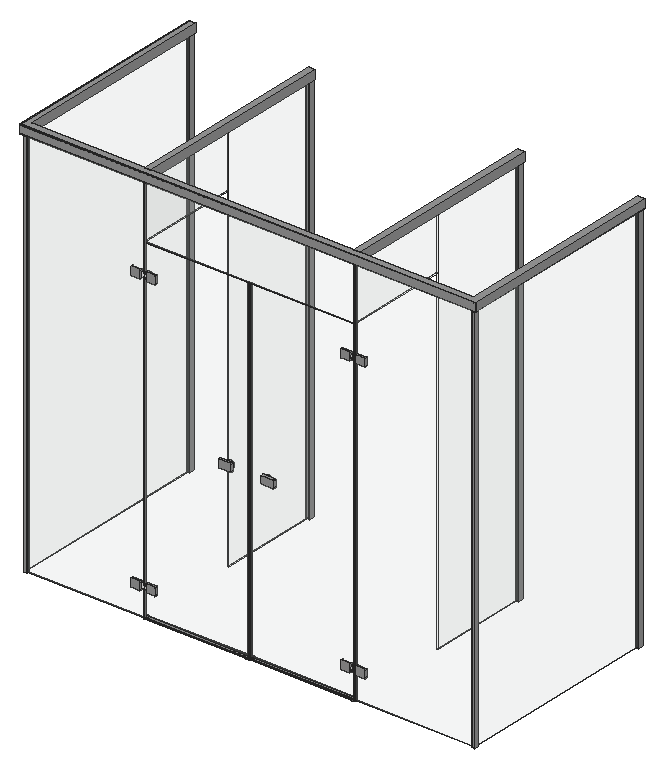
Revit family "Sanitary_Bath-screens_Modular system_Duscholux_SYSTEM210_S21-A", category Aparatos sanitarios, Revit 2019
Family settings
  Cota de conector redondo = Diámetro de uso
  Tipo de pieza = Normal
  Número OmniClass = 23.45.00.00
  Título OmniClass = Sanitary, Laundry, and Cleaning Equipment
  Se basa en plano de trabajo = No
  Siempre vertical = Sí
  Corte con vacíos al cargar = No
  Compartido = No
  Punto de cálculo de habitación = No
Parameters (values of type "Black Aluminium Finish")
  Uper profile guide = Anodized Aluminium_Duscholux Material-Black Finish
  Superior Glass Height = if(Max Doors Height < 2100 mm, 1 mm, (Max Height - 2134 mm))  # 366 mm
  Min Max Length fixed segment 2 = if(Length fixed segment 2 < 180 mm, 180 mm, if(Length fixed segment 2 > 1400 mm, 1400 mm, Length fixed segment 2))  # 750 mm
  Min Max Length fixed segment = if(Length fixed segment 1 < 180 mm, 180 mm, if(Length fixed segment 1 > 1400 mm, 1400 mm, Length fixed segment 1))  # 750 mm
  Min Max Doors aperture = if(Doors aperture < 400 mm, 400 mm, if(Doors aperture > 1000 mm, 1000 mm, Doors aperture))  # 650 mm
  Min Max Length Central fixed segments = if(Length Central fixed segments < 180 mm, 180 mm, if(Length Central fixed segments > 1400 mm, 1400 mm, Length Central fixed segments))  # 650 mm
  Max Doors Height = if(Max Height > 2154 mm, 2100 mm, (Max Height - 34 mm))  # 2100 mm
  Length fixed segment 2 = 750 mm
  Length fixed segment 1 = 750 mm
  Lenght = (Min Max Doors aperture * 2) + (Min Max Length fixed segment + Min Max Length fixed segment 2)  # 2800 mm
  Uniclass 2015 Description = "Shower Enclosures"
  Uniclass 2015 Code = "PR-40-20-06-79"
  URL = "http://www.duscholux.es/"
  UNSPSC Code = "30181507"
  Thickness Glass = 6 mm  # constant formula
  Thickness Fixed Segment = 8 mm  # constant formula
  Technical Inspection Certificate (Applus) = "http://www.duscholux.es/resources/custom/var/APPLUS_en.pdf"
  Series = "SYSTEM 210"
  Ref. = "S21_A"
  Products = "http://www.duscholux.es/mamparas_filtro.aspx?es"
  Openning right angle = 0.00°
  Openning left angle = 0.00°
  Opening System Image = "https://duscholux.es/resources/custom/img/System21/S21_A.jpg"
  Opening System = "Pivot Door"
  NBS Reference Description = "Shower Enclosures"
  NBS Reference Code = "45-35-70"
  Model = ""
  Min Max Length = if(Lenght < 900 mm, 900 mm, if(Lenght > 2100 mm, 2100 mm, Lenght))  # 2100 mm
  Max Height = if(Height < 1900 mm, 1900 mm, if(Height > 2500 mm, 2500 mm, Height))  # 2500 mm
  Maintenance and Cleaning = "http://www.duscholux.es/mamparas_limpieza.aspx?en"
  Image = "https://duscholux.es/resources/custom/img/System21/System21%205%20NEGRO%20baja.jpg"
  IFC Classification = "Furnishing Element"
  Height = 2500 mm
  Handle Material = Anodized Aluminium_Duscholux Material-Black Finish
  Handle Height = Max Doors Height / 2  # 1050 mm
  Glass in Building UNE EN 12150 = "CE Conformity marking"
  Glass Material = Glass_Material-Duscholux
  Frame Material = Anodized Aluminium_Duscholux Material-Black Finish
  Length Central fixed segments = 650 mm
  Fact Sheet = "https://duscholux.es/mamparas_system210.aspx?es"
  Fabricante = "Duscholux Ibérica, S.A."
  Environmental Management ISO 14001 = "ECOEMBES Certificate"
  Doors aperture = 650 mm
  Descripción = "Modular system with fixed segments + pivot doors at 180º for different types of rooms"
  Código de montaje = "C1030200"
  Configuration enclosure = "http://configuratumampara.duscholux.es/eCatalogo.aspx"
  Components = "Eropean components"
  Type Comments = ""
  Combinations = "Customizable upper guide"
  Certified Quality UNE EN 14428 = "http://www.duscholux.es/duscholux_downloads.aspx?es"
  COBIe Type Category = ""
  Accesories Material = Anodized Aluminium_Duscholux Material-Black Finish
Reference planes
  plane 1 "Centro (Frontal/Posterior)": y = 0
  plane 2: z = 0
  plane 3 "Centro (Izquierda/Derecha)": x = 0
  plane 4 "Altura total": z = 2500
  plane 5 "Altura tiradores": z = 1050
  plane 6: x = 4
  plane 7: y = 0
  plane 8 "Espesor puertas": y = 6
  plane 9 "Longitud total": x = 2800
  plane 10: z = 1920
  plane 11 "Espesor fijos": y = 8
  plane 12: x = 750
  plane 13 "Inicio vidrio puertas": z = 8
  plane 14 "Altura bisagra inferior": z = 180
  plane 15: x = 2050
  plane 16 "Ancho total": y = 1300
  plane 17: x = 2796
  plane 18: x = 2804
  plane 19 "Inicio guía superior": z = 2446
  plane 20: z = 1920
  plane 21 "Altura vidrios": z = 2466
  plane 22 "Altura puertas": z = 2100
  plane 23 "Altura bisagra superior": z = 1920
  plane 24: y = 3
  plane 25 "Eje inicio puerta 1": x = 747
  plane 26 "Eje inicio puerta 2": x = 2053
  plane 27: y = 650
  plane 28: x = 8
  plane 29: y = 0
Forms (mm)
  Extrusion 1, solid, material "Glass_Material-Duscholux" <- "Glass Material"
    sketch origin (0, 0, 0) x (1, 0, 0) y (0, 1, 0)
      loop
        line (13.847, 8) -> (13.847, 0) -> (744, 0) -> (744, 8) -> (13.847, 8)
    from 0 to 2466
  Extrusion 2, solid, material "Glass_Material-Duscholux" <- "Glass Material"
    sketch origin (750, 0, 0) x (1, 0, 0) y (0, 1, 0)
      loop
        line (0, 6) -> (0, 0) -> (644.7, 0) -> (644.7, 6) -> (0, 6)
    from 8 to 2100
  Extrusion 3, solid, material "Plástico, transparente"
    sketch origin (-322.583, -171.096, 0) x (1, 0, 0) y (0, 1, 0)
      loop
        line (1066.583, 179.096) -> (1066.583, 171.096) -> (1061.583, 171.096) -> (1061.583, 170.096) -> (1066.583, 170.096) -> (1071.183, 170.096)
        arc (1071.183, 170.096) -> (1072.583, 175.096) -> (1071.183, 180.096) r 9.629
        line (1071.183, 180.096) -> (1066.583, 180.096) -> (1061.583, 180.096) -> (1061.583, 179.096) -> (1066.583, 179.096)
      loop
        line (1067.583, 170.596) -> (1070.927, 170.596)
        arc (1070.927, 170.596) -> (1072.083, 175.096) -> (1070.927, 179.596) r 9.338
        line (1070.927, 179.596) -> (1067.583, 179.596) -> (1067.583, 170.596)
    from 1937.5 to 2446
  Extrusion 4, solid, material "Plástico, transparente"
    sketch origin (-322.583, -171.096, 0) x (1, 0, 0) y (0, 1, 0)
      loop
        line (1066.583, 179.096) -> (1066.583, 171.096) -> (1061.583, 171.096) -> (1061.583, 170.096) -> (1066.583, 170.096) -> (1071.183, 170.096)
        arc (1071.183, 170.096) -> (1072.583, 175.096) -> (1071.183, 180.096) r 9.629
        line (1071.183, 180.096) -> (1066.583, 180.096) -> (1061.583, 180.096) -> (1061.583, 179.096) -> (1066.583, 179.096)
      loop
        line (1067.583, 170.596) -> (1070.927, 170.596)
        arc (1070.927, 170.596) -> (1072.083, 175.096) -> (1070.927, 179.596) r 9.338
        line (1070.927, 179.596) -> (1067.583, 179.596) -> (1067.583, 170.596)
    from 197.5 to 1902.5
  Extrusion 5, solid, material "Plástico, transparente"
    sketch origin (-322.583, -171.096, 0) x (1, 0, 0) y (0, 1, 0)
      loop
        line (1066.583, 179.096) -> (1066.583, 171.096) -> (1061.583, 171.096) -> (1061.583, 170.096) -> (1066.583, 170.096) -> (1071.183, 170.096)
        arc (1071.183, 170.096) -> (1072.583, 175.096) -> (1071.183, 180.096) r 9.629
        line (1071.183, 180.096) -> (1066.583, 180.096) -> (1061.583, 180.096) -> (1061.583, 179.096) -> (1066.583, 179.096)
      loop
        line (1067.583, 170.596) -> (1070.927, 170.596)
        arc (1070.927, 170.596) -> (1072.083, 175.096) -> (1070.927, 179.596) r 9.338
        line (1070.927, 179.596) -> (1067.583, 179.596) -> (1067.583, 170.596)
    from 0 to 162.5
  Extrusion 6, solid, material "Glass_Material-Duscholux" <- "Glass Material"
    sketch origin (1400, 0, 0) x (1, 0, 0) y (0, 1, 0)
      loop
        line (5.3, 6) -> (5.3, 0) -> (650, 0) -> (650, 6) -> (5.3, 6)
    from 8 to 2100
  Extrusion 7, solid, material "Plástico, transparente"
    sketch origin (1622.583, -171.096, 0) x (-1, 0, 0) y (0, -1, 0)
      loop
        line (-433.417, -179.096) -> (-438.417, -179.096) -> (-438.417, -180.096) -> (-433.417, -180.096) -> (-428.817, -180.096)
        arc (-428.817, -180.096) -> (-427.417, -175.096) -> (-428.817, -170.096) r 9.629
        line (-428.817, -170.096) -> (-433.417, -170.096) -> (-438.417, -170.096) -> (-438.417, -171.096) -> (-433.417, -171.096) -> (-433.417, -179.096)
      loop
        line (-432.417, -170.596) -> (-432.417, -179.596) -> (-429.073, -179.596)
        arc (-429.073, -179.596) -> (-427.917, -175.096) -> (-429.073, -170.596) r 9.338
        line (-429.073, -170.596) -> (-432.417, -170.596)
    from 1937.5 to 2446
  Extrusion 8, solid, material "Glass_Material-Duscholux" <- "Glass Material"
    sketch origin (0, 0, 0) x (1, 0, 0) y (0, 1, 0)
      loop
        line (2056, 8) -> (2056, 0) -> (2790.153, 0) -> (2790.153, 8) -> (2056, 8)
    from 0 to 2466
  Extrusion 9, solid, material "Plástico, transparente"
    sketch origin (1622.583, -171.096, 0) x (-1, 0, 0) y (0, -1, 0)
      loop
        line (-433.417, -179.096) -> (-438.417, -179.096) -> (-438.417, -180.096) -> (-433.417, -180.096) -> (-428.817, -180.096)
        arc (-428.817, -180.096) -> (-427.417, -175.096) -> (-428.817, -170.096) r 9.629
        line (-428.817, -170.096) -> (-433.417, -170.096) -> (-438.417, -170.096) -> (-438.417, -171.096) -> (-433.417, -171.096) -> (-433.417, -179.096)
      loop
        line (-432.417, -170.596) -> (-432.417, -179.596) -> (-429.073, -179.596)
        arc (-429.073, -179.596) -> (-427.917, -175.096) -> (-429.073, -170.596) r 9.338
        line (-429.073, -170.596) -> (-432.417, -170.596)
    from 197.5 to 1902.5
  Extrusion 10, solid, material "Plástico, transparente"
    sketch origin (1622.583, -171.096, 0) x (-1, 0, 0) y (0, -1, 0)
      loop
        line (-433.417, -179.096) -> (-438.417, -179.096) -> (-438.417, -180.096) -> (-433.417, -180.096) -> (-428.817, -180.096)
        arc (-428.817, -180.096) -> (-427.417, -175.096) -> (-428.817, -170.096) r 9.629
        line (-428.817, -170.096) -> (-433.417, -170.096) -> (-438.417, -170.096) -> (-438.417, -171.096) -> (-433.417, -171.096) -> (-433.417, -179.096)
      loop
        line (-432.417, -170.596) -> (-432.417, -179.596) -> (-429.073, -179.596)
        arc (-429.073, -179.596) -> (-427.917, -175.096) -> (-429.073, -170.596) r 9.338
        line (-429.073, -170.596) -> (-432.417, -170.596)
    from 0 to 162.5
  Extrusion 11, solid, material "Anodized Aluminium_Duscholux Material-Black Finish" <- "Frame Material"
    sketch origin (-3.847, 0, 0) x (1, 0, 0) y (0, 1, 0)
      loop
        line (2799.647, 14.15) -> (2799.647, 17.65) -> (2797.497, 17.65) -> (2797.497, 10.35) -> (2790.5, 10.35) -> (2790.5, 8.2) -> (2794, 8.2) -> (2794, -0.2) -> (2790.5, -0.2) -> (2790.5, -2.35) -> (2810.197, -2.35) -> (2810.197, 17.65) -> (2808.047, 17.65) -> (2808.047, 14.15) -> (2799.647, 14.15)
    from 0 to 2446
  Extrusion 12, solid, material "Glass_Material-Duscholux" <- "Glass Material"
    sketch origin (0, 0, 0) x (1, 0, 0) y (0, 1, 0)
      loop
        line (2796, 14.15) -> (2804, 14.15) -> (2804, 1293.362) -> (2796, 1293.362) -> (2796, 14.15)
    from 0 to 2466
  Extrusion 13, solid, material "Anodized Aluminium_Duscholux Material-Black Finish" <- "Frame Material"
    sketch origin (0, 99.299, 0) x (1, 0, 0) y (0, 1, 0)
      loop
        line (2790, 1199.201) -> (2810, 1199.201) -> (2810, 1179.851) -> (2804.3, 1179.851) -> (2804.3, 1169.201) -> (2811.5, 1169.201) -> (2811.5, 1200.701) -> (2788.5, 1200.701) -> (2788.5, 1169.201) -> (2795.7, 1169.201) -> (2795.7, 1179.851) -> (2790, 1179.851) -> (2790, 1199.201)
    from 0 to 2446
  Extrusion 14, solid, material "Anodized Aluminium_Duscholux Material-Black Finish" <- "Accesories Material"
    sketch origin (0, 0, 0) x (1, 0, 0) y (0, 0, 1)
      loop
        line (2821.849, 2446) -> (2821.849, 2447.8) -> (2819.349, 2447.8) -> (2819.349, 2498.2) -> (2821.849, 2498.2) -> (2821.849, 2500) -> (2780.019, 2500) -> (2780.019, 2446) -> (2794.119, 2446) -> (2794.119, 2488.9) -> (2805.881, 2488.9) -> (2805.881, 2446) -> (2821.849, 2446)
    from -1300 to -23.981
  Extrusion 15, solid, material "Anodized Aluminium_Duscholux Material-Black Finish" <- "Accesories Material"
    sketch origin (0, 0, 0) x (0, 1, 0) y (0, 0, 1)
      loop
        line (-17.849, 2500) -> (-17.849, 2498.2) -> (-15.349, 2498.2) -> (-15.349, 2447.8) -> (-17.849, 2447.8) -> (-17.849, 2446) -> (-1.881, 2446) -> (-1.881, 2488.9) -> (9.881, 2488.9) -> (9.881, 2446) -> (23.981, 2446) -> (23.981, 2500) -> (-17.849, 2500)
    from -14.415 to 2819.546
  Extrusion 16, solid, material "Anodized Aluminium_Duscholux Material-Black Finish" <- "Uper profile guide"
    sketch origin (0, 0, 0) x (1, 0, 0) y (0, 0, 1)
      loop
        line (2821.946, 2498) -> (2819.546, 2498) -> (2819.546, 2448) -> (2821.946, 2448) -> (2821.946, 2498)
    from -1300 to 15.349
  Extrusion 17, solid, material "Anodized Aluminium_Duscholux Material-Black Finish" <- "Uper profile guide"
    sketch origin (0, 0, 0) x (0, 1, 0) y (0, 0, 1)
      loop
        line (-15.546, 2498) -> (-17.946, 2498) -> (-17.946, 2448) -> (-15.546, 2448) -> (-15.546, 2498)
    from -16.915 to 2821.946
  Extrusion 18, solid, material "Anodized Aluminium_Duscholux Material-Black Finish" <- "Accesories Material"
    sketch origin (0, 0, 0) x (1, 0, 0) y (0, 0, 1)
      loop
        line (2821.849, 2500) -> (2819.546, 2500) -> (2819.546, 2498.2) -> (2821.849, 2498.2) -> (2821.849, 2500)
    from -23.981 to 17.849
  Extrusion 19, solid, material "Anodized Aluminium_Duscholux Material-Black Finish" <- "Accesories Material"
    sketch origin (0, 0, 0) x (1, 0, 0) y (0, 0, 1)
      loop
        line (2821.849, 2446) -> (2821.849, 2447.8) -> (2819.546, 2447.8) -> (2819.546, 2446) -> (2821.849, 2446)
    from -23.981 to 17.849
  Extrusion 20, solid, material "Glass_Material-Duscholux" <- "Glass Material"
    sketch origin (0, 0, 0) x (1, 0, 0) y (0, 1, 0)
      loop
        line (2050, 8) -> (750, 8) -> (750, 0) -> (2050, 0) -> (2050, 8)
    from 2100 to 2466
  Extrusion 21, solid, material "Anodized Aluminium_Duscholux Material-Black Finish" <- "Frame Material"
    sketch origin (773.934, 0, 0) x (1, 0, 0) y (0, 0, 1)
      loop
        line (1299.981, 2500) -> (1258.151, 2500) -> (1258.151, 2446) -> (1274.119, 2446) -> (1274.119, 2488.9) -> (1285.881, 2488.9) -> (1285.881, 2446) -> (1299.981, 2446) -> (1299.981, 2500)
    from -1300 to -23.981
  Extrusion 22, solid, material "Anodized Aluminium_Duscholux Material-Black Finish" <- "Frame Material"
    sketch origin (-772.066, 0, 0) x (1, 0, 0) y (0, 0, 1)
      loop
        line (1539.981, 2500) -> (1498.151, 2500) -> (1498.151, 2446) -> (1514.119, 2446) -> (1514.119, 2488.9) -> (1525.881, 2488.9) -> (1525.881, 2446) -> (1539.981, 2446) -> (1539.981, 2500)
    from -1300 to -23.981
  Extrusion 23, solid, material "Anodized Aluminium_Duscholux Material-Black Finish" <- "Frame Material"
    sketch origin (-77, 99.299, 0) x (1, 0, 0) y (0, 1, 0)
      loop
        line (2120, 1199.201) -> (2140, 1199.201) -> (2140, 1179.851) -> (2134.3, 1179.851) -> (2134.3, 1169.201) -> (2141.5, 1169.201) -> (2141.5, 1200.701) -> (2118.5, 1200.701) -> (2118.5, 1169.201) -> (2125.7, 1169.201) -> (2125.7, 1179.851) -> (2120, 1179.851) -> (2120, 1199.201)
    from 0 to 2446
  Extrusion 24, solid, material "Anodized Aluminium_Duscholux Material-Black Finish" <- "Frame Material"
    sketch origin (-1623, 99.299, 0) x (1, 0, 0) y (0, 1, 0)
      loop
        line (2360, 1199.201) -> (2380, 1199.201) -> (2380, 1179.851) -> (2374.3, 1179.851) -> (2374.3, 1169.201) -> (2381.5, 1169.201) -> (2381.5, 1200.701) -> (2358.5, 1200.701) -> (2358.5, 1169.201) -> (2365.7, 1169.201) -> (2365.7, 1179.851) -> (2360, 1179.851) -> (2360, 1199.201)
    from 0 to 2446
  Extrusion 25, solid, material "Anodized Aluminium_Duscholux Material-Black Finish" <- "Frame Material"
    sketch origin (1400, 0, 0) x (1, 0, 0) y (0, 1, 0)
      loop
        line (7.26, 6.095) -> (7.26, 7.095) -> (4.408, 7.807) -> (0.7, 7.547) -> (0, 6.593) -> (0, -0.593) -> (0.7, -1.547) -> (4.408, -1.807) -> (7.26, -1.095) -> (7.26, -0.095) -> (5.3, -0.095) -> (5.3, 3) -> (5.3, 6.095) -> (7.26, 6.095)
    from 0 to 2100
  Extrusion 26, solid, material "Anodized Aluminium_Duscholux Material-Black Finish" <- "Frame Material"
    sketch origin (750, 0, 0) x (1, 0, 0) y (0, 1, 0)
      loop
        line (649.3, 7.547) -> (645.592, 7.807) -> (642.74, 7.095) -> (642.74, 6.095) -> (644.7, 6.095) -> (644.7, 3) -> (644.7, -0.095) -> (642.74, -0.095) -> (642.74, -1.095) -> (645.592, -1.807) -> (649.3, -1.547) -> (650, -0.593) -> (650, 6.593) -> (649.3, 7.547)
    from 0 to 2100
  Extrusion 27, solid, material "Glass_Material-Duscholux" <- "Glass Material"
    sketch origin (0, 0, 0) x (1, 0, 0) y (0, 1, 0)
      loop
        line (743, 650) -> (743, 9.881) -> (751, 9.881) -> (751, 650) -> (743, 650)
    from 2100 to 2466
  Extrusion 28, solid, material "Glass_Material-Duscholux" <- "Glass Material"
    sketch origin (0, 0, 0) x (1, 0, 0) y (0, 1, 0)
      loop
        line (751, 650) -> (751, 1293.106) -> (743, 1293.106) -> (743, 650) -> (751, 650)
    from 0 to 2466
  Extrusion 29, solid, material "Glass_Material-Duscholux" <- "Glass Material"
    sketch origin (0, 0, 0) x (1, 0, 0) y (0, 1, 0)
      loop
        line (2057, 9.881) -> (2057, 650) -> (2049.03, 650) -> (2049.03, 9.881) -> (2057, 9.881)
    from 2100 to 2466
  Extrusion 30, solid, material "Glass_Material-Duscholux" <- "Glass Material"
    sketch origin (0, 0, 0) x (1, 0, 0) y (0, 1, 0)
      loop
        line (2057, 650) -> (2057, 1293.362) -> (2049.03, 1293.362) -> (2049.03, 650) -> (2057, 650)
    from 0 to 2466
  Extrusion 31, solid, material "Anodized Aluminium_Duscholux Material-Black Finish" <- "Frame Material"
    sketch origin (-2896, 99.299, 0) x (1, 0, 0) y (0, 1, 0)
      loop
        line (2890, 1199.201) -> (2910, 1199.201) -> (2910, 1179.851) -> (2904.3, 1179.851) -> (2904.3, 1169.201) -> (2911.5, 1169.201) -> (2911.5, 1200.701) -> (2888.5, 1200.701) -> (2888.5, 1169.201) -> (2895.7, 1169.201) -> (2895.7, 1179.851) -> (2890, 1179.851) -> (2890, 1199.201)
    from 0 to 2446
  Extrusion 32, solid, material "Anodized Aluminium_Duscholux Material-Black Finish" <- "Frame Material"
    sketch origin (2907.847, 0, 0) x (-1, 0, 0) y (0, -1, 0)
      loop
        line (2899.647, -14.15) -> (2908.047, -14.15) -> (2908.047, -17.65) -> (2910.197, -17.65) -> (2910.197, 2.35) -> (2890.5, 2.35) -> (2890.5, 0.2) -> (2894, 0.2) -> (2894, -8.2) -> (2890.5, -8.2) -> (2890.5, -10.35) -> (2897.497, -10.35) -> (2897.497, -17.65) -> (2899.647, -17.65) -> (2899.647, -14.15)
    from 0 to 2446
  Extrusion 33, solid, material "Glass_Material-Duscholux" <- "Glass Material"
    sketch origin (0, 0, 0) x (1, 0, 0) y (0, 1, 0)
      loop
        line (8, 14.15) -> (8, 1293.106) -> (0, 1293.106) -> (0, 14.15) -> (8, 14.15)
    from 0 to 2466
  Extrusion 34, solid, material "Anodized Aluminium_Duscholux Material-Black Finish" <- "Accesories Material"
    sketch origin (2804.934, 0, 0) x (-1, 0, 0) y (0, 0, -1)
      loop
        line (2821.849, -2446) -> (2805.881, -2446) -> (2805.881, -2488.9) -> (2794.119, -2488.9) -> (2794.119, -2446) -> (2780.019, -2446) -> (2780.019, -2500) -> (2821.849, -2500) -> (2821.849, -2498.2) -> (2819.349, -2498.2) -> (2819.349, -2447.8) -> (2821.849, -2447.8) -> (2821.849, -2446)
    from -1300 to -23.981
  Extrusion 35, solid, material "Anodized Aluminium_Duscholux Material-Black Finish" <- "Accesories Material"
    sketch origin (0, 0, 0) x (1, 0, 0) y (0, 0, 1)
      loop
        line (-16.915, 2500) -> (-16.915, 2498.2) -> (-14.415, 2498.2) -> (-14.415, 2500) -> (-16.915, 2500)
    from -23.981 to 17.849
  Extrusion 36, solid, material "Anodized Aluminium_Duscholux Material-Black Finish" <- "Accesories Material"
    sketch origin (0, 0, 0) x (1, 0, 0) y (0, 0, 1)
      loop
        line (-16.915, 2447.8) -> (-16.915, 2446) -> (-14.415, 2446) -> (-14.415, 2447.8) -> (-16.915, 2447.8)
    from -23.981 to 17.849
  Extrusion 37, solid, material "Anodized Aluminium_Duscholux Material-Black Finish" <- "Uper profile guide"
    sketch origin (0, 0, 0) x (1, 0, 0) y (0, 0, 1)
      loop
        line (-14.415, 2498) -> (-16.915, 2498) -> (-16.915, 2448) -> (-14.415, 2448) -> (-14.415, 2498)
    from -1300 to 15.546
Cuts and joins
  joined: Extrusion 14, Extrusion 15, Extrusion 18, Extrusion 19, Extrusion 34, Extrusion 35, Extrusion 36
Lines and regions (mm)
  reference lines
    curve 1: line (750, 0, 0) -> (1400, 0, 0)
    curve 2: line (1400, 0, 0) -> (2050, 0, 0)
    curve 9: line (1518.693, 26.492, 0) -> (1518.693, -158.508, 0)
  symbolic lines
    curve 3: line (750, -650, 0) -> (750, 0, 0)
    curve 4: line (750, 650, 0) -> (750, 0, 0)
    curve 5: arc (750, 650, 0) -> (1400, 0, 0) -> (750, -650, 0) r 650
    curve 6: line (2050, 650, 0) -> (2050, 0, 0)
    curve 7: line (2050, -650, 0) -> (2050, 0, 0)
    curve 8: arc (2050, -650, 0) -> (1400, 0, 0) -> (2050, 650, 0) r 650
Dimensions and locks
  locked: plane 3 "Centro (Izquierda/Derecha)" to plane 6 at 4
  "Handle Height": plane 5 "Altura tiradores" to level
  "Lenght": plane 3 "Centro (Izquierda/Derecha)" to plane 9 "Longitud total"
  locked: nested 3 to Extrusion 4 at 17.5
  locked: Extrusion 3 to plane 10 at 17.5
  "Min Max Length fixed segment": plane 3 "Centro (Izquierda/Derecha)" to plane 12
  locked: nested 3 to plane 12 at 6
  locked: plane 12 to nested 3 at 6
  "Min Max Doors aperture": curve 1 to curve 1
  locked: plane 13 "Inicio vidrio puertas" to level at 8
  locked: plane 14 "Altura bisagra inferior" to level at 180
  "Max Height": plane 4 "Altura total" to level
  "Min Max Length fixed segment 2": plane 15 to plane 9 "Longitud total"
  "Min Max Doors aperture": curve 2 to curve 2
  "Min Max Doors aperture": curve 3 to curve 3
  "Min Max Doors aperture": curve 4 to curve 4
  "Min Max Doors aperture": curve 6 to curve 6
  "Min Max Doors aperture": curve 7 to curve 7
  "Thickness Fixed Segment": Extrusion 1 to Extrusion 1
  "Thickness Fixed Segment": Extrusion 8 to Extrusion 8
  plane 17 to plane 9 "Longitud total" to plane 18 = 4 mm locked, 4 mm locked
  locked: plane 16 "Ancho total" to Extrusion 12 at 6.638
  locked: Extrusion 14 to plane 9 "Longitud total" at 19.981
  locked: plane 9 "Longitud total" to Extrusion 16 at 19.546
  locked: Extrusion 16 to cut or joined group of Extrusion 14, Extrusion 15, Extrusion 18, Extrusion 19, Extrusion 34, Extrusion 35, Extrusion 36 at 2.4
  locked: plane 4 "Altura total" to plane 19 "Inicio guía superior" at 54
  locked: plane 21 "Altura vidrios" to plane 19 "Inicio guía superior" at 20
  "Max Doors Height": plane 22 "Altura puertas" to level
  locked: plane 22 "Altura puertas" to plane 23 "Altura bisagra superior" at 180
  "Superior Glass Height": Extrusion 20 to plane 22 "Altura puertas"
  locked: plane 25 "Eje inicio puerta 1" to plane 12 at 3
  locked: plane 15 to plane 26 "Eje inicio puerta 2" at 3
  "Min Max Doors aperture": plane 27 to plane 7
  "Superior Glass Height": Extrusion 27 to plane 22 "Altura puertas"
  locked: plane 16 "Ancho total" to Extrusion 28 at 6.894
  "Superior Glass Height": Extrusion 29 to plane 22 "Altura puertas"
  "Min Max Length Central fixed segments": plane 16 "Ancho total" to plane 27
  plane 3 "Centro (Izquierda/Derecha)" to plane 9 "Longitud total" = 2800 mm
  locked: Extrusion 34 to plane 6 at 18.415
  locked: Extrusion 25 to nested 12 at 113.393
  angle curve 1 to plane 7 = 0.00°
  "Openning right angle": angle plane 7 to curve 2
  locked: curve 2 to curve 9 (angle 90.00°)
  "Openning left angle": angle curve 1 to plane 29
  aligned and locked: level to plane 2
  aligned and locked: plane 12 to curve 1
  aligned and locked: plane 7 to curve 1
  aligned and locked: nested 3 to plane 10
  aligned and locked: nested 4 to Extrusion 2
  aligned and locked: nested 2 to Extrusion 2
  aligned and locked: nested 5 to plane 10
  aligned and locked: nested 5 to Extrusion 2
  aligned and locked: Extrusion 2 to plane 13 "Inicio vidrio puertas"
  aligned and locked: Extrusion 5 to level
  aligned and locked: curve 2 to plane 7
  aligned and locked: plane 15 to curve 2
  aligned and locked: Extrusion 2 to Extrusion 6
  aligned and locked: plane 10 to nested 9
  aligned and locked: plane 10 to nested 7
  aligned and locked: Extrusion 3 to Extrusion 7
  aligned and locked: Extrusion 9 to Extrusion 4
  aligned and locked: Extrusion 4 to Extrusion 9
  aligned and locked: Extrusion 10 to Extrusion 8
  aligned and locked: Extrusion 10 to Extrusion 5
  aligned and locked: Extrusion 8 to nested 9
  aligned and locked: Extrusion 8 to nested 8
  aligned and locked: plane 5 "Altura tiradores" to nested 12
  aligned and locked: nested 11 to plane 5 "Altura tiradores"
  aligned and locked: Extrusion 8 to Extrusion 11
  aligned and locked: Extrusion 12 sketch curve to plane 17
  aligned and locked: plane 18 to Extrusion 12 sketch curve
  aligned and locked: plane 16 "Ancho total" to Extrusion 13
  aligned and locked: plane 16 "Ancho total" to Extrusion 14
  aligned and locked: plane 19 "Inicio guía superior" to Extrusion 13
  aligned and locked: plane 19 "Inicio guía superior" to Extrusion 7
  aligned and locked: plane 16 "Ancho total" to Extrusion 16
  aligned and locked: Extrusion 15 to Extrusion 16
  aligned and locked: Extrusion 18 sketch curve to cut or joined group of Extrusion 14, Extrusion 15, Extrusion 18, Extrusion 19, Extrusion 34, Extrusion 35, Extrusion 36  (x3)
  aligned and locked: cut or joined group of Extrusion 14, Extrusion 15, Extrusion 18, Extrusion 19, Extrusion 34, Extrusion 35, Extrusion 36 to Extrusion 18 sketch curve
  aligned and locked: Extrusion 18 to cut or joined group of Extrusion 14, Extrusion 15, Extrusion 18, Extrusion 19, Extrusion 34, Extrusion 35, Extrusion 36
  aligned and locked: Extrusion 19 sketch curve to cut or joined group of Extrusion 14, Extrusion 15, Extrusion 18, Extrusion 19, Extrusion 34, Extrusion 35, Extrusion 36  (x3)
  aligned and locked: cut or joined group of Extrusion 14, Extrusion 15, Extrusion 18, Extrusion 19, Extrusion 34, Extrusion 35, Extrusion 36 to Extrusion 19 sketch curve
  aligned and locked: Extrusion 19 to cut or joined group of Extrusion 14, Extrusion 15, Extrusion 18, Extrusion 19, Extrusion 34, Extrusion 35, Extrusion 36  (x2)
  aligned and locked: Extrusion 17 to Extrusion 16
  aligned and locked: plane 19 "Inicio guía superior" to Extrusion 11
  aligned and locked: Extrusion 3 to cut or joined group of Extrusion 14, Extrusion 15, Extrusion 18, Extrusion 19, Extrusion 34, Extrusion 35, Extrusion 36
  aligned and locked: cut or joined group of Extrusion 14, Extrusion 15, Extrusion 18, Extrusion 19, Extrusion 34, Extrusion 35, Extrusion 36 to plane 19 "Inicio guía superior"
  aligned and locked: plane 21 "Altura vidrios" to Extrusion 12
  aligned and locked: plane 21 "Altura vidrios" to Extrusion 8
  aligned and locked: plane 21 "Altura vidrios" to Extrusion 1
  aligned and locked: plane 22 "Altura puertas" to Extrusion 6
  aligned and locked: plane 22 "Altura puertas" to Extrusion 2
  aligned and locked: plane 10 to plane 23 "Altura bisagra superior"
  aligned and locked: nested 10 to Extrusion 6
  aligned and locked: Extrusion 20 to Extrusion 6
  aligned and locked: plane 15 to Extrusion 20
  aligned and locked: plane 16 "Ancho total" to Extrusion 21
  aligned and locked: plane 16 "Ancho total" to Extrusion 22
  aligned and locked: plane 19 "Inicio guía superior" to Extrusion 23
  aligned and locked: plane 19 "Inicio guía superior" to Extrusion 24
  aligned and locked: Extrusion 25 to nested 10
  aligned and locked: plane 22 "Altura puertas" to Extrusion 25
  aligned and locked: Extrusion 26 to Extrusion 2
  aligned and locked: plane 22 "Altura puertas" to Extrusion 26
  aligned and locked: nested 4 to Extrusion 26
  aligned and locked: Extrusion 27 to Extrusion 2
  aligned and locked: cut or joined group of Extrusion 14, Extrusion 15, Extrusion 18, Extrusion 19, Extrusion 34, Extrusion 35, Extrusion 36 to Extrusion 27
  aligned and locked: Extrusion 28 sketch curve to Extrusion 27
  aligned and locked: Extrusion 28 to plane 27
  aligned and locked: plane 21 "Altura vidrios" to Extrusion 28
  aligned and locked: plane 27 to Extrusion 29
  aligned and locked: cut or joined group of Extrusion 14, Extrusion 15, Extrusion 18, Extrusion 19, Extrusion 34, Extrusion 35, Extrusion 36 to Extrusion 29
  aligned and locked: Extrusion 29 to plane 22 "Altura puertas"
  aligned and locked: Extrusion 30 sketch curve to Extrusion 29
  aligned and locked: Extrusion 12 to Extrusion 30
  aligned and locked: plane 21 "Altura vidrios" to Extrusion 30
  aligned and locked: Extrusion 20 to plane 12
  aligned and locked: Extrusion 1 to Extrusion 32
  aligned and locked: Extrusion 33 sketch curve to plane 28
  aligned and locked: plane 3 "Centro (Izquierda/Derecha)" to Extrusion 33 sketch curve
  aligned and locked: Extrusion 28 to Extrusion 33
  aligned and locked: plane 21 "Altura vidrios" to Extrusion 33
  aligned and locked: plane 16 "Ancho total" to Extrusion 31
  aligned and locked: plane 19 "Inicio guía superior" to Extrusion 32
  aligned and locked: plane 16 "Ancho total" to Extrusion 34
  aligned and locked: Extrusion 34 to Extrusion 15
  aligned and locked: Extrusion 35 sketch curve to Extrusion 34  (x2)
  aligned and locked: Extrusion 35 sketch curve to cut or joined group of Extrusion 14, Extrusion 15, Extrusion 18, Extrusion 19, Extrusion 34, Extrusion 35, Extrusion 36  (x2)
  aligned and locked: Extrusion 35 to cut or joined group of Extrusion 14, Extrusion 15, Extrusion 18, Extrusion 19, Extrusion 34, Extrusion 35, Extrusion 36  (x2)
  aligned and locked: Extrusion 36 sketch curve to Extrusion 34  (x2)
  aligned and locked: Extrusion 36 sketch curve to cut or joined group of Extrusion 14, Extrusion 15, Extrusion 18, Extrusion 19, Extrusion 34, Extrusion 35, Extrusion 36
  aligned and locked: cut or joined group of Extrusion 14, Extrusion 15, Extrusion 18, Extrusion 19, Extrusion 34, Extrusion 35, Extrusion 36 to Extrusion 36 sketch curve
  aligned and locked: cut or joined group of Extrusion 14, Extrusion 15, Extrusion 18, Extrusion 19, Extrusion 34, Extrusion 35, Extrusion 36 to Extrusion 36
  aligned and locked: Extrusion 36 to cut or joined group of Extrusion 14, Extrusion 15, Extrusion 18, Extrusion 19, Extrusion 34, Extrusion 35, Extrusion 36
  aligned and locked: cut or joined group of Extrusion 14, Extrusion 15, Extrusion 18, Extrusion 19, Extrusion 34, Extrusion 35, Extrusion 36 to Extrusion 17
  aligned and locked: plane 19 "Inicio guía superior" to Extrusion 31
  aligned and locked: Extrusion 37 sketch curve to cut or joined group of Extrusion 14, Extrusion 15, Extrusion 18, Extrusion 19, Extrusion 34, Extrusion 35, Extrusion 36
  aligned and locked: Extrusion 37 sketch curve to Extrusion 17
  aligned and locked: Extrusion 17 to Extrusion 37 sketch curve
  aligned and locked: Extrusion 37 to Extrusion 17  (x2)
  aligned and locked: plane 16 "Ancho total" to Extrusion 37
  aligned and locked: curve 9 to nested 12
  aligned and locked: plane 29 to plane 1 "Centro (Frontal/Posterior)"
Automatic sketch dimensions
  plane 1 "Centro (Frontal/Posterior)" to curve 3 = 0 mm
  curve 3 to plane 12 = 0 mm
  curve 6 to plane 15 = 0 mm
  plane 1 "Centro (Frontal/Posterior)" to curve 8 = 0 mm
  plane 1 "Centro (Frontal/Posterior)" to Extrusion 1 sketch curve = 0 mm
  Extrusion 1 sketch curve to plane 11 "Espesor fijos" = 0 mm
  plane 28 to Extrusion 1 sketch curve = 5.847 mm
  Extrusion 1 sketch curve to plane 25 "Eje inicio puerta 1" = 3 mm
  Extrusion 2 sketch curve to curve 1 = 0 mm  (x2)
  curve 1 to Extrusion 2 sketch curve = 6 mm
  Extrusion 2 sketch curve to curve 1 = 5.3 mm
  Extrusion 3 sketch curve to plane 11 "Espesor fijos" = 0 mm
  plane 1 "Centro (Frontal/Posterior)" to Extrusion 3 sketch curve = 0 mm
  Extrusion 3 sketch curve to plane 25 "Eje inicio puerta 1" = 8 mm
  Extrusion 3 sketch curve to Extrusion 3 sketch curve = 0 mm  (x4)
  Extrusion 3 sketch curve to plane 24 = 1 mm
  Extrusion 3 sketch curve to Extrusion 3 sketch curve = 1.162 mm
  Extrusion 3 sketch curve to Extrusion 3 sketch curve = 0.209 mm
  Extrusion 3 sketch curve to plane 25 "Eje inicio puerta 1" = 3 mm
  plane 1 "Centro (Frontal/Posterior)" to Extrusion 3 sketch curve = 0.5 mm
  Extrusion 3 sketch curve to Extrusion 3 sketch curve = 1 mm  (x2)
  plane 11 "Espesor fijos" to Extrusion 3 sketch curve = 0.5 mm
  plane 25 "Eje inicio puerta 1" to Extrusion 3 sketch curve = 1.344 mm
  Extrusion 3 sketch curve to Extrusion 3 sketch curve = 0.256 mm  (x2)
  Extrusion 4 sketch curve to plane 11 "Espesor fijos" = 0 mm
  plane 1 "Centro (Frontal/Posterior)" to Extrusion 4 sketch curve = 0 mm
  Extrusion 4 sketch curve to plane 25 "Eje inicio puerta 1" = 8 mm
  Extrusion 4 sketch curve to Extrusion 4 sketch curve = 0 mm  (x4)
  Extrusion 4 sketch curve to plane 24 = 1 mm
  Extrusion 4 sketch curve to Extrusion 4 sketch curve = 1.162 mm
  Extrusion 4 sketch curve to Extrusion 4 sketch curve = 0.209 mm
  Extrusion 4 sketch curve to plane 25 "Eje inicio puerta 1" = 3 mm
  plane 1 "Centro (Frontal/Posterior)" to Extrusion 4 sketch curve = 0.5 mm
  Extrusion 4 sketch curve to Extrusion 4 sketch curve = 1 mm  (x2)
  plane 11 "Espesor fijos" to Extrusion 4 sketch curve = 0.5 mm
  plane 25 "Eje inicio puerta 1" to Extrusion 4 sketch curve = 1.344 mm
  Extrusion 4 sketch curve to Extrusion 4 sketch curve = 0.256 mm  (x2)
  Extrusion 5 sketch curve to plane 11 "Espesor fijos" = 0 mm
  plane 1 "Centro (Frontal/Posterior)" to Extrusion 5 sketch curve = 0 mm
  Extrusion 5 sketch curve to plane 25 "Eje inicio puerta 1" = 8 mm
  Extrusion 5 sketch curve to Extrusion 5 sketch curve = 0 mm  (x4)
  Extrusion 5 sketch curve to plane 24 = 1 mm
  Extrusion 5 sketch curve to Extrusion 5 sketch curve = 1.162 mm
  Extrusion 5 sketch curve to Extrusion 5 sketch curve = 0.209 mm
  Extrusion 5 sketch curve to plane 25 "Eje inicio puerta 1" = 3 mm
  plane 1 "Centro (Frontal/Posterior)" to Extrusion 5 sketch curve = 0.5 mm
  Extrusion 5 sketch curve to Extrusion 5 sketch curve = 1 mm  (x2)
  plane 11 "Espesor fijos" to Extrusion 5 sketch curve = 0.5 mm
  plane 25 "Eje inicio puerta 1" to Extrusion 5 sketch curve = 1.344 mm
  Extrusion 5 sketch curve to Extrusion 5 sketch curve = 0.256 mm  (x2)
  curve 2 to Extrusion 6 sketch curve = 0 mm
  Extrusion 6 sketch curve to curve 2 = 0 mm
  curve 2 to Extrusion 6 sketch curve = 6 mm
  curve 2 to Extrusion 6 sketch curve = 5.3 mm
  Extrusion 7 sketch curve to plane 11 "Espesor fijos" = 0 mm
  plane 1 "Centro (Frontal/Posterior)" to Extrusion 7 sketch curve = 0 mm
  Extrusion 7 sketch curve to plane 26 "Eje inicio puerta 2" = 8 mm
  Extrusion 7 sketch curve to Extrusion 7 sketch curve = 0 mm  (x4)
  plane 24 to Extrusion 7 sketch curve = 1 mm
  Extrusion 7 sketch curve to Extrusion 7 sketch curve = 1.162 mm
  Extrusion 7 sketch curve to Extrusion 7 sketch curve = 0.209 mm
  Extrusion 7 sketch curve to plane 26 "Eje inicio puerta 2" = 3 mm
  Extrusion 7 sketch curve to plane 1 "Centro (Frontal/Posterior)" = 0.5 mm
  Extrusion 7 sketch curve to Extrusion 7 sketch curve = 1 mm  (x2)
  Extrusion 7 sketch curve to plane 11 "Espesor fijos" = 0.5 mm
  plane 26 "Eje inicio puerta 2" to Extrusion 7 sketch curve = 1.344 mm
  Extrusion 7 sketch curve to Extrusion 7 sketch curve = 0.256 mm  (x2)
  plane 1 "Centro (Frontal/Posterior)" to Extrusion 8 sketch curve = 0 mm
  Extrusion 8 sketch curve to plane 11 "Espesor fijos" = 0 mm
  plane 26 "Eje inicio puerta 2" to Extrusion 8 sketch curve = 3 mm
  Extrusion 8 sketch curve to plane 17 = 5.847 mm
  Extrusion 9 sketch curve to plane 11 "Espesor fijos" = 0 mm
  plane 1 "Centro (Frontal/Posterior)" to Extrusion 9 sketch curve = 0 mm
  Extrusion 9 sketch curve to plane 26 "Eje inicio puerta 2" = 8 mm
  Extrusion 9 sketch curve to Extrusion 9 sketch curve = 0 mm  (x4)
  plane 24 to Extrusion 9 sketch curve = 1 mm
  Extrusion 9 sketch curve to Extrusion 9 sketch curve = 1.162 mm
  Extrusion 9 sketch curve to Extrusion 9 sketch curve = 0.209 mm
  Extrusion 9 sketch curve to plane 26 "Eje inicio puerta 2" = 3 mm
  Extrusion 9 sketch curve to plane 1 "Centro (Frontal/Posterior)" = 0.5 mm
  Extrusion 9 sketch curve to Extrusion 9 sketch curve = 1 mm  (x2)
  Extrusion 9 sketch curve to plane 11 "Espesor fijos" = 0.5 mm
  plane 26 "Eje inicio puerta 2" to Extrusion 9 sketch curve = 1.344 mm
  Extrusion 9 sketch curve to Extrusion 9 sketch curve = 0.256 mm  (x2)
  Extrusion 10 sketch curve to plane 11 "Espesor fijos" = 0 mm
  plane 1 "Centro (Frontal/Posterior)" to Extrusion 10 sketch curve = 0 mm
  Extrusion 10 sketch curve to plane 26 "Eje inicio puerta 2" = 8 mm
  Extrusion 10 sketch curve to Extrusion 10 sketch curve = 0 mm  (x4)
  plane 24 to Extrusion 10 sketch curve = 1 mm
  Extrusion 10 sketch curve to Extrusion 10 sketch curve = 1.162 mm
  Extrusion 10 sketch curve to Extrusion 10 sketch curve = 0.209 mm
  Extrusion 10 sketch curve to plane 26 "Eje inicio puerta 2" = 3 mm
  Extrusion 10 sketch curve to plane 1 "Centro (Frontal/Posterior)" = 0.5 mm
  Extrusion 10 sketch curve to Extrusion 10 sketch curve = 1 mm  (x2)
  Extrusion 10 sketch curve to plane 11 "Espesor fijos" = 0.5 mm
  plane 26 "Eje inicio puerta 2" to Extrusion 10 sketch curve = 1.344 mm
  Extrusion 10 sketch curve to Extrusion 10 sketch curve = 0.256 mm  (x2)
  plane 1 "Centro (Frontal/Posterior)" to Extrusion 11 sketch curve = 2.35 mm
  Extrusion 11 sketch curve to plane 17 = 9.347 mm
  plane 11 "Espesor fijos" to Extrusion 11 sketch curve = 0.2 mm
  Extrusion 11 sketch curve to Extrusion 11 sketch curve = 0 mm
  plane 1 "Centro (Frontal/Posterior)" to Extrusion 11 sketch curve = 0.2 mm
  Extrusion 11 sketch curve to Extrusion 11 sketch curve = 3.5 mm  (x3)
  Extrusion 11 sketch curve to plane 17 = 2.35 mm
  Extrusion 11 sketch curve to plane 17 = 0.2 mm
  plane 18 to Extrusion 11 sketch curve = 0.2 mm
  Extrusion 11 sketch curve to Extrusion 11 sketch curve = 2.15 mm  (x2)
  plane 11 "Espesor fijos" to Extrusion 11 sketch curve = 6.15 mm
  plane 11 "Espesor fijos" to Extrusion 12 sketch curve = 6.15 mm
  Extrusion 12 sketch curve to plane 16 "Ancho total" = 6.638 mm
  Extrusion 13 sketch curve to plane 16 "Ancho total" = 0 mm
  Extrusion 13 sketch curve to plane 17 = 7.5 mm
  Extrusion 13 sketch curve to Extrusion 13 sketch curve = 1.5 mm  (x2)
  Extrusion 13 sketch curve to plane 17 = 0.3 mm
  plane 18 to Extrusion 13 sketch curve = 0.3 mm
  Extrusion 13 sketch curve to Extrusion 13 sketch curve = 5.7 mm
  Extrusion 13 sketch curve to plane 16 "Ancho total" = 1.5 mm
  Extrusion 13 sketch curve to Extrusion 13 sketch curve = 19.35 mm
  Extrusion 13 sketch curve to Extrusion 13 sketch curve = 0 mm  (x2)
  Extrusion 13 sketch curve to Extrusion 13 sketch curve = 10.65 mm
  Extrusion 14 sketch curve to plane 4 "Altura total" = 0 mm
  Extrusion 14 sketch curve to plane 19 "Inicio guía superior" = 0 mm
  Extrusion 14 sketch curve to plane 17 = 15.981 mm
  Extrusion 14 sketch curve to plane 17 = 1.881 mm
  plane 18 to Extrusion 14 sketch curve = 1.881 mm
  Extrusion 14 sketch curve to plane 4 "Altura total" = 1.8 mm
  plane 18 to Extrusion 14 sketch curve = 15.349 mm
  Extrusion 14 sketch curve to Extrusion 14 sketch curve = 2.5 mm  (x2)
  plane 19 "Inicio guía superior" to Extrusion 14 sketch curve = 0 mm
  Extrusion 14 sketch curve to Extrusion 14 sketch curve = 1.8 mm
  Extrusion 14 sketch curve to plane 4 "Altura total" = 11.1 mm
  Extrusion 15 sketch curve to plane 4 "Altura total" = 0 mm
  Extrusion 15 sketch curve to plane 19 "Inicio guía superior" = 0 mm  (x2)
  plane 1 "Centro (Frontal/Posterior)" to Extrusion 15 sketch curve = 17.849 mm  (x2)
  plane 19 "Inicio guía superior" to Extrusion 15 sketch curve = 1.8 mm
  Extrusion 15 sketch curve to Extrusion 15 sketch curve = 2.5 mm
  plane 1 "Centro (Frontal/Posterior)" to Extrusion 15 sketch curve = 1.881 mm
  plane 11 "Espesor fijos" to Extrusion 15 sketch curve = 1.881 mm
  plane 11 "Espesor fijos" to Extrusion 15 sketch curve = 15.981 mm
  Extrusion 15 sketch curve to plane 4 "Altura total" = 11.1 mm
  Extrusion 15 sketch curve to plane 4 "Altura total" = 1.8 mm
  Extrusion 16 sketch curve to plane 4 "Altura total" = 2 mm
  plane 18 to Extrusion 16 sketch curve = 15.546 mm
  Extrusion 16 sketch curve to Extrusion 16 sketch curve = 2.4 mm
  plane 19 "Inicio guía superior" to Extrusion 16 sketch curve = 2 mm
  Extrusion 17 sketch curve to plane 4 "Altura total" = 2 mm
  plane 1 "Centro (Frontal/Posterior)" to Extrusion 17 sketch curve = 17.946 mm
  Extrusion 17 sketch curve to Extrusion 17 sketch curve = 2.4 mm
  plane 19 "Inicio guía superior" to Extrusion 17 sketch curve = 2 mm
  Extrusion 20 sketch curve to plane 11 "Espesor fijos" = 0 mm
  Extrusion 20 sketch curve to plane 12 = 0 mm
  plane 1 "Centro (Frontal/Posterior)" to Extrusion 20 sketch curve = 0 mm
  Extrusion 20 sketch curve to plane 15 = 0 mm
  Extrusion 21 sketch curve to plane 4 "Altura total" = 0 mm
  Extrusion 21 sketch curve to plane 19 "Inicio guía superior" = 0 mm  (x2)
  Extrusion 21 sketch curve to plane 15 = 17.915 mm
  Extrusion 21 sketch curve to plane 15 = 1.948 mm
  plane 26 "Eje inicio puerta 2" to Extrusion 21 sketch curve = 6.815 mm
  Extrusion 21 sketch curve to Extrusion 21 sketch curve = 14.1 mm
  Extrusion 21 sketch curve to plane 4 "Altura total" = 11.1 mm
  Extrusion 22 sketch curve to plane 4 "Altura total" = 0 mm
  Extrusion 22 sketch curve to plane 19 "Inicio guía superior" = 0 mm  (x2)
  Extrusion 22 sketch curve to plane 25 "Eje inicio puerta 1" = 20.915 mm
  Extrusion 22 sketch curve to plane 25 "Eje inicio puerta 1" = 4.948 mm
  plane 12 to Extrusion 22 sketch curve = 3.815 mm
  Extrusion 22 sketch curve to Extrusion 22 sketch curve = 14.1 mm
  Extrusion 22 sketch curve to plane 4 "Altura total" = 11.1 mm
  Extrusion 23 sketch curve to plane 16 "Ancho total" = 0 mm
  Extrusion 23 sketch curve to plane 15 = 8.5 mm
  Extrusion 23 sketch curve to Extrusion 23 sketch curve = 1.5 mm  (x2)
  Extrusion 23 sketch curve to plane 15 = 1.3 mm
  plane 26 "Eje inicio puerta 2" to Extrusion 23 sketch curve = 4.3 mm
  Extrusion 23 sketch curve to Extrusion 23 sketch curve = 5.7 mm
  Extrusion 23 sketch curve to plane 16 "Ancho total" = 1.5 mm
  Extrusion 23 sketch curve to Extrusion 23 sketch curve = 19.35 mm
  Extrusion 23 sketch curve to Extrusion 23 sketch curve = 0 mm  (x2)
  Extrusion 23 sketch curve to Extrusion 23 sketch curve = 10.65 mm
  Extrusion 24 sketch curve to plane 16 "Ancho total" = 0 mm
  Extrusion 24 sketch curve to plane 25 "Eje inicio puerta 1" = 11.5 mm
  Extrusion 24 sketch curve to Extrusion 24 sketch curve = 1.5 mm  (x2)
  Extrusion 24 sketch curve to plane 25 "Eje inicio puerta 1" = 4.3 mm
  plane 12 to Extrusion 24 sketch curve = 1.3 mm
  Extrusion 24 sketch curve to Extrusion 24 sketch curve = 5.7 mm
  Extrusion 24 sketch curve to plane 16 "Ancho total" = 1.5 mm
  Extrusion 24 sketch curve to Extrusion 24 sketch curve = 19.35 mm
  Extrusion 24 sketch curve to Extrusion 24 sketch curve = 0 mm  (x2)
  Extrusion 24 sketch curve to Extrusion 24 sketch curve = 10.65 mm
  Extrusion 25 sketch curve to curve 2 = 0 mm
  Extrusion 25 sketch curve to curve 2 = 0.593 mm
  curve 2 to Extrusion 25 sketch curve = 6.593 mm
  curve 2 to Extrusion 25 sketch curve = 0.7 mm  (x2)
  Extrusion 25 sketch curve to Extrusion 25 sketch curve = 3.708 mm  (x2)
  curve 2 to Extrusion 25 sketch curve = 1.807 mm
  Extrusion 25 sketch curve to Extrusion 25 sketch curve = 0.892 mm
  curve 2 to Extrusion 25 sketch curve = 1.095 mm
  Extrusion 25 sketch curve to Extrusion 25 sketch curve = 1.96 mm  (x2)
  Extrusion 25 sketch curve to curve 2 = 1.547 mm
  curve 2 to Extrusion 25 sketch curve = 0.095 mm
  Extrusion 25 sketch curve to curve 2 = 3 mm
  Extrusion 25 sketch curve to Extrusion 25 sketch curve = 3.095 mm
  Extrusion 25 sketch curve to Extrusion 25 sketch curve = 1 mm
  curve 2 to Extrusion 25 sketch curve = 7.547 mm
  Extrusion 25 sketch curve to Extrusion 25 sketch curve = 1.712 mm
  Extrusion 26 sketch curve to curve 1 = 0 mm
  Extrusion 26 sketch curve to curve 1 = 0.593 mm
  curve 1 to Extrusion 26 sketch curve = 6.593 mm
  Extrusion 26 sketch curve to curve 1 = 0.7 mm  (x2)
  curve 1 to Extrusion 26 sketch curve = 1.807 mm
  Extrusion 26 sketch curve to Extrusion 26 sketch curve = 3.708 mm  (x2)
  Extrusion 26 sketch curve to Extrusion 26 sketch curve = 0.892 mm
  curve 1 to Extrusion 26 sketch curve = 0.095 mm
  Extrusion 26 sketch curve to Extrusion 26 sketch curve = 1.96 mm  (x2)
  Extrusion 26 sketch curve to curve 1 = 1.547 mm
  Extrusion 26 sketch curve to Extrusion 26 sketch curve = 1 mm  (x2)
  Extrusion 26 sketch curve to curve 1 = 3 mm
  Extrusion 26 sketch curve to Extrusion 26 sketch curve = 3.095 mm
  curve 1 to Extrusion 26 sketch curve = 7.547 mm
  Extrusion 26 sketch curve to Extrusion 26 sketch curve = 1.712 mm
  Extrusion 27 sketch curve to plane 27 = 0 mm
  plane 11 "Espesor fijos" to Extrusion 27 sketch curve = 1.881 mm
  Extrusion 27 sketch curve to plane 25 "Eje inicio puerta 1" = 4 mm
  plane 12 to Extrusion 27 sketch curve = 1 mm
  Extrusion 28 sketch curve to plane 27 = 0 mm
  Extrusion 28 sketch curve to plane 25 "Eje inicio puerta 1" = 4 mm
  Extrusion 28 sketch curve to plane 16 "Ancho total" = 6.894 mm
  Extrusion 29 sketch curve to plane 27 = 0 mm
  Extrusion 29 sketch curve to plane 15 = 0.97 mm
  plane 26 "Eje inicio puerta 2" to Extrusion 29 sketch curve = 4 mm
  plane 11 "Espesor fijos" to Extrusion 29 sketch curve = 1.881 mm
  Extrusion 30 sketch curve to plane 27 = 0 mm
  Extrusion 30 sketch curve to plane 15 = 0.97 mm
  Extrusion 30 sketch curve to plane 16 "Ancho total" = 6.638 mm
  Extrusion 31 sketch curve to plane 16 "Ancho total" = 0 mm
  Extrusion 31 sketch curve to plane 3 "Centro (Izquierda/Derecha)" = 7.5 mm
  Extrusion 31 sketch curve to Extrusion 31 sketch curve = 1.5 mm  (x2)
  Extrusion 31 sketch curve to plane 3 "Centro (Izquierda/Derecha)" = 0.3 mm
  plane 28 to Extrusion 31 sketch curve = 0.3 mm
  Extrusion 31 sketch curve to Extrusion 31 sketch curve = 5.7 mm
  Extrusion 31 sketch curve to plane 16 "Ancho total" = 1.5 mm
  Extrusion 31 sketch curve to Extrusion 31 sketch curve = 19.35 mm
  Extrusion 31 sketch curve to Extrusion 31 sketch curve = 0 mm  (x2)
  Extrusion 31 sketch curve to Extrusion 31 sketch curve = 10.65 mm
  Extrusion 32 sketch curve to plane 1 "Centro (Frontal/Posterior)" = 2.35 mm
  Extrusion 32 sketch curve to plane 28 = 9.347 mm
  Extrusion 32 sketch curve to plane 11 "Espesor fijos" = 0.2 mm
  Extrusion 32 sketch curve to Extrusion 32 sketch curve = 0 mm
  Extrusion 32 sketch curve to plane 1 "Centro (Frontal/Posterior)" = 0.2 mm
  Extrusion 32 sketch curve to Extrusion 32 sketch curve = 3.5 mm  (x3)
  Extrusion 32 sketch curve to plane 28 = 2.35 mm
  Extrusion 32 sketch curve to plane 28 = 0.2 mm
  plane 3 "Centro (Izquierda/Derecha)" to Extrusion 32 sketch curve = 0.2 mm
  Extrusion 32 sketch curve to Extrusion 32 sketch curve = 2.15 mm  (x2)
  Extrusion 32 sketch curve to plane 11 "Espesor fijos" = 6.15 mm
  plane 11 "Espesor fijos" to Extrusion 33 sketch curve = 6.15 mm
  Extrusion 33 sketch curve to plane 16 "Ancho total" = 6.894 mm
  Extrusion 34 sketch curve to plane 4 "Altura total" = 0 mm
  Extrusion 34 sketch curve to plane 19 "Inicio guía superior" = 0 mm  (x2)
  Extrusion 34 sketch curve to plane 28 = 16.915 mm
  Extrusion 34 sketch curve to plane 28 = 2.815 mm
  plane 3 "Centro (Izquierda/Derecha)" to Extrusion 34 sketch curve = 0.948 mm
  plane 4 "Altura total" to Extrusion 34 sketch curve = 1.8 mm
  plane 3 "Centro (Izquierda/Derecha)" to Extrusion 34 sketch curve = 14.415 mm
  Extrusion 34 sketch curve to Extrusion 34 sketch curve = 2.5 mm  (x2)
  Extrusion 34 sketch curve to Extrusion 34 sketch curve = 1.8 mm
  plane 4 "Altura total" to Extrusion 34 sketch curve = 11.1 mm
  Extrusion 37 sketch curve to plane 4 "Altura total" = 2 mm
  curve 2 to curve 9 = 118.693 mm
  curve 9 to curve 2 = 26.492 mm
Nested families
  nested 1: "Hinge (Fixed segment)" at (748, 0, 180) x (1, 0, 0) z (0, -1, 0), type "Hinge (Fixed segment)", detail levels medium+fine
  nested 2: "Hinge (Door)" at (750, 0, 180) x (1, 0, 0) z (0, -1, 0), type "Hinge (Door)", detail levels medium+fine
  nested 3: "Hinge (Fixed segment)" at (748, 0, 1920) x (1, 0, 0) z (0, -1, 0), type "Hinge (Fixed segment)", detail levels medium+fine
  nested 4: "Lower- Guide" at (750, 2.737, 8), type "Lower-Guide", detail levels fine
    with built-in parameter 1001306 2.1087 (stored number, unit not read)
  nested 5: "Hinge (Door)" at (750, 0, 1920) x (1, 0, 0) z (0, -1, 0), type "Hinge (Door)", detail levels medium+fine
  nested 6: "Hinge (Door)" at (2050, 0, 180) x (-1, 0, 0) z (0, -1, 0), type "Hinge (Door)", detail levels medium+fine
  nested 7: "Hinge (Door)" at (2050, 0, 1920) x (-1, 0, 0) z (0, -1, 0), type "Hinge (Door)", detail levels medium+fine
  nested 8: "Hinge (Fixed segment)" at (2052, 0, 180) x (-1, 0, 0) z (0, -1, 0), type "Hinge (Fixed segment)", detail levels medium+fine
  nested 9: "Hinge (Fixed segment)" at (2052, 0, 1920) x (-1, 0, 0) z (0, -1, 0), type "Hinge (Fixed segment)", detail levels medium+fine
  nested 10: "Lower- Guide" at (1407.26, 2.717, 8), type "Lower-Guide", detail levels fine
    with built-in parameter 1001306 2.1087 (stored number, unit not read)
  nested 11: "Handle-D4" at (1281.771, 0, 1050) x (1, 0, 0) z (0, -1, 0), Handle Material <- "Handle Material", type "Handle-D4", detail levels fine
    with Handle Material Anodized Aluminium_Duscholux Material-Black Finish
  nested 12: "Handle-D4" at (1518.693, 0, 1050) x (-1, 0, 0) z (0, -1, 0), Handle Material <- "Handle Material", type "Handle-D4", detail levels fine
    with Handle Material Anodized Aluminium_Duscholux Material-Black Finish
Definition of nested family "Hinge (Fixed segment)"
  Parameters (values of type "Hinge (Fixed segment)")
    Handle Material = none
    Default Elevation = 1219.2 mm
  Reference planes
    plane 1 "Centro (Frontal/Posterior)": y = 0
    plane 2: z = 0
    plane 3 "Centro (Izquierda/Derecha)": x = 0
    plane 4: y = 17.5
    plane 5: y = -17.5
    plane 6: x = 43.993
    plane 7: x = -48.793
    plane 8: x = -76.543
    plane 9: x = -21.043
    plane 10: y = 26
    plane 11: y = -26
    plane 12: x = -73.243
    plane 13: x = -24.343
    plane 14: y = 22.7
    plane 15: y = -22.7
    plane 16: z = 11
  Forms (mm)
    Extrusion 1, solid
      sketch origin (0, 0, 0) x (1, 0, 0) y (0, 1, 0)
        loop
          line (-1219.2, 1219.2) -> (-1219.2, -1219.2) -> (1219.2, -1219.2) -> (1219.2, 1219.2) -> (-1219.2, 1219.2)
      from 0 to -304.8
    Extrusion 2, solid
      sketch origin (0, 0, 0) x (1, 0, 0) y (0, 1, 0)
        loop
          line (0, -9.5) -> (0, 9.5) -> (-4, 9.5) -> (-4, -9.5) -> (0, -9.5)
      from 0 to 4
    Extrusion 3, solid
      sketch origin (0, 0, 0) x (1, 0, 0) y (0, 0, 1)
        loop
          line (0, 4) -> (0, 0) -> (8, 0)
          arc (8, 0) -> (6.828, 2.828) -> (4, 4) r 4
          line (4, 4) -> (0, 4)
      from -9.5 to 9.5
    Extrusion 4, solid, material <- "Handle Material"
      sketch origin (0, 0, 0) x (1, 0, 0) y (0, 1, 0)
        loop
          arc (-73.243, 26) -> (-75.577, 25.033) -> (-76.543, 22.7) r 3.3
          line (-76.543, 22.7) -> (-76.543, -22.7)
          arc (-76.543, -22.7) -> (-75.577, -25.033) -> (-73.243, -26) r 3.3
          line (-73.243, -26) -> (-24.343, -26)
          arc (-24.343, -26) -> (-22.01, -25.033) -> (-21.043, -22.7) r 3.3
          line (-21.043, -22.7) -> (-21.043, 22.7)
          arc (-21.043, 22.7) -> (-22.01, 25.033) -> (-24.343, 26) r 3.3
          line (-24.343, 26) -> (-73.243, 26)
      from 0 to 11
    Extrusion 5, solid
      sketch origin (0, 0, 0) x (1, 0, 0) y (0, 1, 0)
        loop
          line (-21.043, 17.5) -> (-21.043, -17.5) -> (-4, -17.5) -> (-4, 17.5) -> (-21.043, 17.5)
      from 0 to 4
  Cuts and joins
    joined: Extrusion 2, Extrusion 3, Extrusion 5
  Dimensions and locks
    aligned and locked: plane 2 to Extrusion 1
    aligned and locked: level to Extrusion 1
    aligned and locked: Extrusion 3 to cut or joined group of Extrusion 2, Extrusion 3, Extrusion 5
    aligned and locked: cut or joined group of Extrusion 2, Extrusion 3, Extrusion 5 to Extrusion 3
    aligned and locked: plane 16 to Extrusion 4
    aligned and locked: Extrusion 4 to plane 2
    aligned and locked: cut or joined group of Extrusion 2, Extrusion 3, Extrusion 5 to Extrusion 5
    aligned and locked: plane 2 to Extrusion 5
Definition of nested family "Hinge (Door)"
  Parameters (values of type "Hinge (Door)")
    Handle Material = none
    Default Elevation = 1219.2 mm
  Reference planes
    plane 1 "Centro (Frontal/Posterior)": y = 0
    plane 2: z = 0
    plane 3 "Centro (Izquierda/Derecha)": x = 0
    plane 4: y = 17.5
    plane 5: y = -17.5
    plane 6: x = 43.993
    plane 7: x = 71.743
    plane 8: x = 16.243
    plane 9: z = 11
    plane 10: y = 26
    plane 11: y = -26
    plane 12: z = 4
  Forms (mm)
    Extrusion 1, solid
      sketch origin (0, 0, 0) x (1, 0, 0) y (0, 1, 0)
        loop
          line (-1219.2, 1219.2) -> (-1219.2, -1219.2) -> (1219.2, -1219.2) -> (1219.2, 1219.2) -> (-1219.2, 1219.2)
      from 0 to -304.8
    Extrusion 2, void
      sketch origin (0, 0, 0) x (1, 0, 0) y (0, 0, 1)
        loop
          arc (0, 0) -> (1.172, 2.828) -> (4, 4) r 4
          line (4, 4) -> (0, 4) -> (0, 0)
      from 9.5 to 17.5
    Extrusion 3, void
      sketch origin (0, 0, 0) x (1, 0, 0) y (0, 0, 1)
        loop
          arc (0, 0) -> (1.172, 2.828) -> (4, 4) r 4
          line (4, 4) -> (0, 4) -> (0, 0)
      from -17.5 to -9.5
    Extrusion 4, solid, material <- "Handle Material"
      sketch origin (0, 0, 0) x (1, 0, 0) y (0, 1, 0)
        loop
          arc (71.743, 22.7) -> (70.777, 25.033) -> (68.443, 26) r 3.3
          line (68.443, 26) -> (19.543, 26)
          arc (19.543, 26) -> (17.21, 25.033) -> (16.243, 22.7) r 3.3
          line (16.243, 22.7) -> (16.243, -22.7)
          arc (16.243, -22.7) -> (17.21, -25.033) -> (19.543, -26) r 3.3
          line (19.543, -26) -> (68.443, -26)
          arc (68.443, -26) -> (70.777, -25.033) -> (71.743, -22.7) r 3.3
          line (71.743, -22.7) -> (71.743, 22.7)
      from 0 to 11
    Extrusion 5, solid
      sketch origin (0, 0, 0) x (1, 0, 0) y (0, 1, 0)
        loop
          line (0, 17.5) -> (0, 9.5) -> (13.5, 9.5) -> (13.5, -9.5) -> (0, -9.5) -> (0, -17.5) -> (16.243, -17.5) -> (16.243, 17.5) -> (0, 17.5)
      from 0 to 4
  Cuts and joins
    Extrusion 2, Extrusion 3 cuts Extrusion 5
  Dimensions and locks
    locked: plane 9 to plane 2 at 11
    aligned and locked: plane 2 to Extrusion 1
    aligned and locked: level to Extrusion 1
    aligned and locked: plane 4 to Extrusion 3
    aligned and locked: plane 9 to Extrusion 4
    aligned and locked: Extrusion 4 to plane 2
    aligned and locked: plane 12 to Extrusion 5
    aligned and locked: Extrusion 5 to plane 2
Definition of nested family "Lower- Guide"
  Parameters (values of type "Lower-Guide")
    built-in parameter 1001306 [instance] = 800 mm
  Reference planes
    plane 1 "Centro (Frontal/Posterior)": y = 0
    plane 2: z = 0
    plane 3 "Izquierda": x = 0
    plane 4 "Derecha": x = 800
    plane 5: z = 0
  Forms (mm)
    Extrusion 1, solid
      sketch origin (0, 0, 0) x (0, 1, 0) y (0, 0, 1)
        loop
          line (-4.2, 0) -> (-3, 12) -> (-4.5, 12) -> (-5.692, 0.15)
          arc (-5.692, 0.15) -> (-5.345, -0.968) -> (-4.3, -1.497) r 1.5
          line (-4.3, -1.497) -> (-4.3, -5.874)
          arc (-4.3, -5.874) -> (-3.9, -6.274) -> (-3.5, -5.874) r 0.4
          line (-3.5, -5.874) -> (-3.5, -1.5) -> (3.5, -1.5) -> (3.5, -7.653)
          arc (3.5, -7.653) -> (3.9, -8.053) -> (4.3, -7.653) r 0.4
          line (4.3, -7.653) -> (4.3, -1.508) -> (5.754, -1.508) -> (11.976, -3.947)
          arc (11.976, -3.947) -> (12.62, -3.771) -> (12.515, -3.111) r 0.5
          line (12.515, -3.111) -> (9.056, -1.58)
          arc (9.056, -1.58) -> (6.398, 0.585) -> (5.211, 3.802) r 6.5
          line (5.211, 3.802) -> (4.5, 12) -> (3, 12) -> (4.2, 0) -> (-4.2, 0)
      from 0 to 800
  Lines and regions (mm)
    reference lines
      curve 1: line (0, 0, 0) -> (800, 0, 0)
